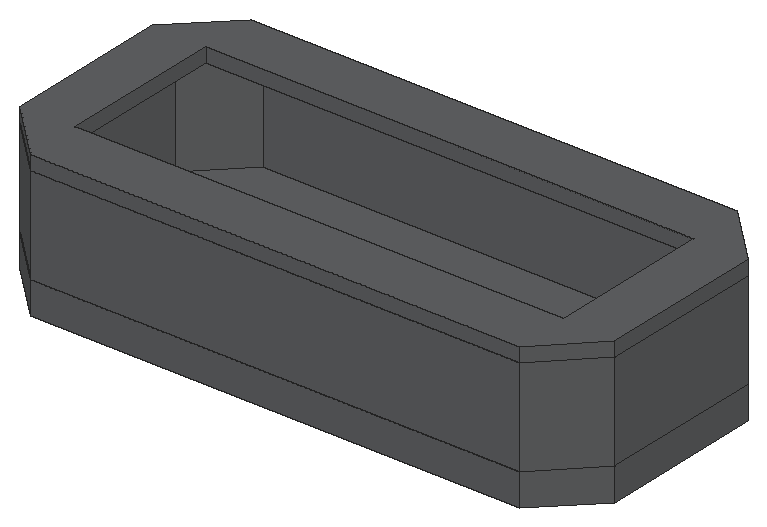
Revit family "Universalträger UT3, Systemlänge 165 mm, 40", category Generic Models, Revit 2015
Parameters (values of type "UT3 45 3")
  URL = "http://www.obo-bettermann.com"
  Material = OBO PA
  Manufacturer Art.No. = "7408723"
  Manufacturer = "OBO Bettermann"
  Height 1 = 9 mm
  Height = 36 mm
  GTIN = "4012196435289"
  Article Type = "UT3 45 3"
Reference planes
  plane 1 "Center (Front/Back)": y = 0
  plane 2: z = 0
  plane 3 "Center (Left/Right)": x = 0
  plane 4: z = 9
  plane 5: z = 36
  plane 6: z = 40
Forms (mm)
  Extrusion 1, solid, material "OBO PA" <- "Material"
    sketch origin (0, 0, 0) x (1, 0, 0) y (0, 1, 0)
      loop
        line (-82.5, -23) -> (-67.5, -38) -> (67.9, -38) -> (82.5, -23.4) -> (82.5, 22.6) -> (67.1, 38) -> (-67.5, 38) -> (-82.5, 23) -> (-82.5, -23)
    from 0 to 9
  Extrusion 2, solid, material "OBO PA" <- "Material"
    sketch origin (0, 0, 0) x (1, 0, 0) y (0, 1, 0)
      loop
        line (67.1, 38) -> (-67.5, 38) -> (-82.5, 23) -> (-82.5, -23) -> (-67.5, -38) -> (67.9, -38) -> (82.5, -23.4) -> (82.5, 22.6) -> (67.1, 38)
      loop
        line (58.958, 32) -> (-59.358, 32) -> (-72.8, 18.558) -> (-72.8, -18.558) -> (-59.358, -32) -> (59.758, -32) -> (72.8, -18.958) -> (72.8, 18.158) -> (58.958, 32)
    from 9 to 36
  Extrusion 3, solid, material "OBO PA" <- "Material"
    sketch origin (0, 0, 0) x (1, 0, 0) y (0, 1, 0)
      loop
        line (-67.5, 38) -> (-82.5, 23) -> (-82.5, -23) -> (-67.5, -38) -> (67.9, -38) -> (82.5, -23.4) -> (82.5, 22.6) -> (67.1, 38) -> (-67.5, 38)
      loop
        line (-67.6, 22.573) -> (-67.6, -22.573) -> (67.6, -22.573) -> (67.6, 22.573) -> (-67.6, 22.573)
    from 36 to 40
Dimensions and locks
  locked: Extrusion 1 sketch curve to plane 3 "Center (Left/Right)" at 82.5
  locked: Extrusion 1 sketch curve to Extrusion 1 sketch curve at 46  (x2)
  locked: plane 1 "Center (Front/Back)" to Extrusion 1 sketch curve at 23
  Extrusion 1 sketch curve to Extrusion 1 sketch curve = 134.6 mm
  plane 3 "Center (Left/Right)" to Extrusion 1 sketch curve = 67.1 mm
  locked: plane 1 "Center (Front/Back)" to Extrusion 1 sketch curve at 38
  locked: plane 3 "Center (Left/Right)" to Extrusion 1 sketch curve at 82.5
  plane 1 "Center (Front/Back)" to Extrusion 1 sketch curve = 22.6 mm
  Extrusion 1 sketch curve to plane 1 "Center (Front/Back)" = 38 mm
  locked: Extrusion 1 sketch curve to plane 1 "Center (Front/Back)" at 38
  locked: Extrusion 1 sketch curve to Extrusion 1 sketch curve at 135.4
  plane 3 "Center (Left/Right)" to Extrusion 1 sketch curve = 67.9 mm
  "Height 1": plane 4 to level
  "Height": plane 5 to level
  locked: Extrusion 1 to Extrusion 2 sketch curve at 10  (x4)
  locked: Extrusion 3 sketch curve to Extrusion 3 sketch curve at 135.2
  equal spacing: Extrusion 3 sketch curve, plane 3 "Center (Left/Right)", Extrusion 3 sketch curve, locked at 67.6 each
  locked: Extrusion 3 sketch curve to Extrusion 3 sketch curve at 45.147
  equal spacing: Extrusion 3 sketch curve, plane 1 "Center (Front/Back)", Extrusion 3 sketch curve, locked at 22.573 each
  locked: plane 6 to plane 5 at 4
  aligned and locked: level to plane 2
  aligned and locked: plane 4 to Extrusion 1
  aligned and locked: Extrusion 2 sketch curve to Extrusion 1  (x8)
  aligned and locked: plane 5 to Extrusion 2
  aligned and locked: Extrusion 2 to Extrusion 1
  aligned and locked: Extrusion 3 sketch curve to Extrusion 2  (x8)
  aligned and locked: Extrusion 3 to plane 5
  aligned and locked: plane 6 to Extrusion 3
Automatic sketch dimensions
  Extrusion 2 sketch curve to Extrusion 2 sketch curve = 6 mm  (x2)
  Extrusion 2 sketch curve to Extrusion 2 sketch curve = 4.442 mm  (x2)
